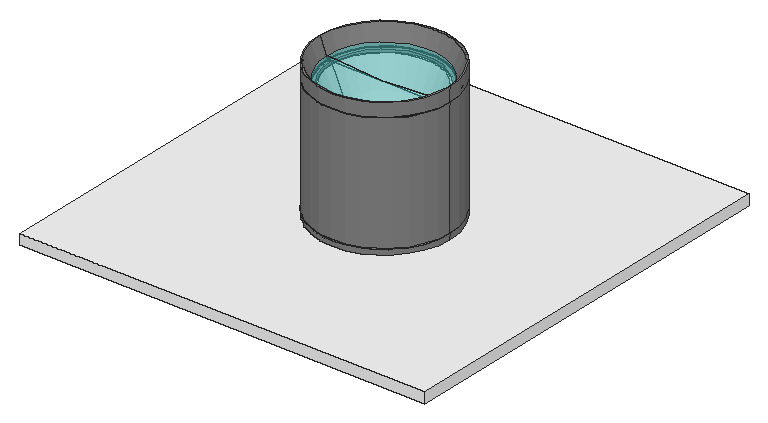
Revit family "24411_BEGA_Revit", category Lighting Fixtures, host Face, Revit 2019
Family settings
  Host = Face
  Round Connector Dimension = Use Diameter
  Part Type = Normal
  Cut with Voids When Loaded = Yes
  Light Source = Yes
  Shared = No
  Room Calculation Point = Yes
Parameters (values of type "24411_BEGA_Revit")
  Weight = "3.1 lbs"
  Voltage = 120 V
  Update = "2019-07-26T04:00:20"
  URL = "www.bega-us.com"
  Type Image = 24411.png
  Type Comments = "© 2019 BEGA. Technical amendments reserved."
  Serial_number [instance] = "Here you can enter the individual serial number for use in facility management."
  Protection_class = "IP 65"
  Product_data_sheet = "www.bega-us.com"
  Order_number = "24411"
  Model = "24411K4"
  Material_17 = BEGA_reflector
  Material_15 = BEGA_lighting_medium_matt
  Material_11 = BEGA_glass_opal
  Material_09 = BEGA_glass_clear
  Material_06 = BEGA_finishes_stainless_steel_brushed
  Material_03 = BEGA_finishes_white_matt
  Material_02 = BEGA_finishes_silver_matt
  Material_01 [instance] = BEGA_finishes_graphite_matt
  Manufacturer = "BEGA"  # constant formula
  M_W = no
  M_G = yes
  M_A = no
  Luminaire_luminous_flux = "2299 lm"
  Logo = 0
  Load_Classification = Lighting
  Lamp = "LED 16.8 W"
  Half_beam_angle = ""
  built-in parameter 1150104 = 12.635 (stored number, unit not read)
  Wattage = 16.9044 W
  Description = "Ceiling mounted downlight"
  Default Elevation = 0 mm
  built-in parameter 1150113 = 1 (stored number, unit not read)
  Connected_wattage [instance] = "20.0 W"
  Colour_temperature = "4000 K"
  Colour_rendering_index = "CRI > 90"
  Bega_IES = yes
  built-in parameter 1114218 = 1 (stored number, unit not read)
  built-in parameter 1150134 = 12
  built-in parameter 1150109 = 1 (stored number, unit not read)
  built-in parameter 1150110 = 1 (stored number, unit not read)
  Tilt Angle = 0.00°
  built-in parameter 1114217 = 1 (stored number, unit not read)
  built-in parameter 1150139 = (empty or 0)
  built-in parameter 1150105 = 182.95 (stored number, unit not read)
  built-in parameter 1150114 = 1 (stored number, unit not read)
  Lumens = 2299 lm
  built-in parameter 1150115 = 1 (stored number, unit not read)
  built-in parameter 1150112 = 1 (stored number, unit not read)
  Dimming Lamp Color Temperature Shift = <None>
  Color Filter = 16777215
  BEGA_internal_structure = yes
  BEGA_internal_on = yes
  BEGA_internal_off = yes
  BEGA_internal = yes
  BEGA_dummy = no
  built-in parameter 1150133 = 10 (stored number, unit not read)
  built-in parameter 1150137 = (empty or 0)
  built-in parameter 1150132 = 2
  Photometric Web File = "24411K4_BEGA_IES.IES"
  built-in parameter 1150106 = 1.8295 (stored number, unit not read)
  built-in parameter 1150107 = 4000 (stored number, unit not read)
  built-in parameter 1150102 = (empty or 0)
  built-in parameter 1150138 = (empty or 0)
  Apparent Load = 0 VA
Reference planes
  plane 1 "Center (Front/Back)": y = 0
  plane 2: z = 0
  plane 3 "Center (Left/Right)": x = 0
  plane 4 "left": x = -65
  plane 5 "right": x = 65
  plane 6 "down": y = -65
  plane 7 "up": y = 65
  plane 8 "Back": z = 0
  plane 9 "Front": z = 135.198
Forms (mm)
  Extrusion 1, solid, material "BEGA_plate_white"
    sketch origin (0, 0, 0) x (1, 0, 0) y (0, 1, 0)
      loop
        line (-200, 200) -> (-200, -200) -> (200, -200) -> (200, 200) -> (-200, 200)
    from 0 to -10
  Extrusion 2, solid, material "BEGA_Dummy_matt", visible <- "BEGA_dummy"
    sketch origin (77.149, -76.023, 0) x (1, 0, 0) y (0, 1, 0)
      loop
        circle (-77.149, 76.023) r 65
    from 0 to 135.2
Dimensions and locks
  aligned and locked: plane 2 to Extrusion 1
  aligned and locked: level to Extrusion 1
Nested families
  nested 1: "24411_BEGA_Revit" at (0, 0, 0), type "24411_BEGA_Revit"
Connectors
  electrical at (0, 0, 0), driven by "Apparent Load", driven by "Load_Classification", driven by "Voltage"
    settings: on Extrusion 1, index 1, voltage 120 V, apparent load 0 VA, apparent load phase1 0 VA, apparent load phase2 0 VA, apparent load phase3 0 VA, power factor 1, load classification "Lighting", number of poles 1, system type 31, power factor state 1, is connector primary yes, connector utility no, sub classification motor no, connector description ""
Definition of nested family "24411_BEGA_Revit"
  Parameters (values of type "BE_24411")
    Default Elevation = 1 mm
    URL = "http://www.bega.de/de/produkt"
    Type Comments = "© 2015 BEGA. Wir behalten uns das Recht vor, technische Änderungen ohne vorherige Ankündigung vorzunehmen. "  # constant formula
    Type Image = (empty or 0)
    Neigungswinkel_um_Z2 = 0.00°
    Neigungswinkel_um_Z1 = 0.00°
    Neigungswinkel_um_Y2 = 0.00°
    Neigungswinkel_um_Y1 = 0.00°
    Neigungswinkel_um_X2 = 0.00°
    Neigungswinkel_um_X1 = 0.00°
    Material_17 = none
    Material_15 = none
    Material_11 = none
    Material_09 = none
    Material_06 = none
    Material_03 = none
    Material_02 = none
    Material_01 = none
    M_W = yes
    M_G = yes
    M_A = yes
    Länge_Platte = 200 mm  # constant formula
    Höhe_Platte = -10 mm  # constant formula
    Manufacturer = "BEGA"  # constant formula
    Drehwinkel_um_Z2 = 0.00°
    Drehwinkel_um_Z1 = 0.00°
    Breite_Platte = 200 mm  # constant formula
  Reference planes
    plane 1 "Mitte (Oben/Unten)": y = 0
    plane 2: z = 0
    plane 3 "Mitte (Links/Rechts)": x = 0
    plane 4 "Hinten": z = -25
    plane 5 "Links": x = -65
    plane 6 "Oben": y = 65
    plane 7 "Unten": y = -65
    plane 8: z = 135.2
    plane 9: x = 65
  Forms (mm)
    Extrusion 1, solid, detail levels medium
      sketch origin (0, 0, 0) x (1, 0, 0) y (0, 1, 0)
        loop
          line (-100, 100) -> (-100, -100) -> (100, -100) -> (100, 100) -> (-100, 100)
      from 0 to -10 <- "Höhe_Platte"
    Revolve 2, solid, material <- "Material_01", visible <- "M_G"
      sketch origin (0, 0, 0) x (1, 0, 0) y (0, 0, 1)
        loop
          line (-65, 121.2) -> (-65, 6) -> (-64.092, 6) -> (-63, 9) -> (-62.1, 25) -> (-55, 25) -> (-54.11, 50.5) -> (0, 50.5) -> (0, 55.5) -> (-53.369, 55.5) -> (-54.966, 101.236)
          arc (-54.966, 101.236) -> (-55.271, 101.92) -> (-55.966, 102.2) r 1
          line (-55.966, 102.2) -> (-62.302, 102.2) -> (-62.845, 117.775) -> (-64.092, 121.2) -> (-65, 121.2)
        axis (0, 6) -> (0, 121.2)
      angle from 0 to 360
    Revolve 3, solid, material <- "Material_17"
      sketch origin (0, 0, 0) x (1, 0, 0) y (0, 0, 1)
        loop
          arc (-52.341, 113) -> (-40.494, 85.573) -> (-25.593, 59.678) r 261.2
          arc (-25.593, 59.678) -> (-25.072, 59.192) -> (-24.386, 59) r 1.5
          line (-24.386, 59) -> (-23, 59)
          arc (-23, 59) -> (-22.613, 59.184) -> (-22.51, 59.6) r 0.5
          arc (-22.51, 59.6) -> (-22.613, 60.016) -> (-23, 60.2) r 0.5
          line (-23, 60.2) -> (-24.484, 60.2)
          arc (-24.484, 60.2) -> (-39.558, 86.414) -> (-51.486, 114.2) r 259.987
          line (-51.486, 114.2) -> (-56.02, 114.198) -> (-56.5, 113) -> (-52.341, 113)
        axis (0, 59) -> (0, 114.2)
      angle from 0 to 360
    Revolve 4, solid, material <- "Material_09"
      sketch origin (0, 0, 0) x (1, 0, 0) y (0, 0, 1)
        loop
          line (0, 120.8) -> (-56, 120.8) -> (-56, 116.7) -> (0, 116.7) -> (0, 120.8)
        axis (0, 120.8) -> (0, 116.7)
      angle from 0 to 360
    Revolve 5, solid, material <- "Material_01", visible <- "M_G"
      sketch origin (0, 0, 0) x (1, 0, 0) y (0, 0, 1)
        loop
          line (-63.5, 135.2) -> (-65, 135.2) -> (-65, 122.217) -> (-62.884, 121.994) -> (-61, 118.468) -> (-62, 117.891) -> (-62, 109.35) -> (-60.078, 108.7) -> (-57.839, 108.7) -> (-57.704, 112.686) -> (-56.75, 114.2) -> (-53.087, 114.2) -> (-53.017, 116.2) -> (-56.465, 116.2) -> (-56.5, 117.2) -> (-63.5, 135.2)
        axis (0, 108.7) -> (0, 135.2)
      angle from 0 to 360
    Revolve 6, solid, material <- "Material_03", visible <- "M_W"
      sketch origin (0, 0, 0) x (1, 0, 0) y (0, 0, 1)
        loop
          line (-65, 121.2) -> (-65, 6) -> (-64.092, 6) -> (-63, 9) -> (-62.1, 25) -> (-55, 25) -> (-54.11, 50.5) -> (0, 50.5) -> (0, 55.5) -> (-53.369, 55.5) -> (-54.966, 101.236)
          arc (-54.966, 101.236) -> (-55.271, 101.92) -> (-55.966, 102.2) r 1
          line (-55.966, 102.2) -> (-62.302, 102.2) -> (-62.845, 117.775) -> (-64.092, 121.2) -> (-65, 121.2)
        axis (0, 6) -> (0, 121.2)
      angle from 0 to 360
    Revolve 7, solid, material <- "Material_03", visible <- "M_W"
      sketch origin (0, 0, 0) x (1, 0, 0) y (0, 0, 1)
        loop
          line (-63.5, 135.2) -> (-65, 135.2) -> (-65, 122.217) -> (-62.884, 121.994) -> (-61, 118.468) -> (-62, 117.891) -> (-62, 109.35) -> (-60.078, 108.7) -> (-57.839, 108.7) -> (-57.704, 112.686) -> (-56.75, 114.2) -> (-53.087, 114.2) -> (-53.017, 116.2) -> (-56.465, 116.2) -> (-56.5, 117.2) -> (-63.5, 135.2)
        axis (0, 108.7) -> (0, 135.2)
      angle from 0 to 360
    Revolve 8, solid, material <- "Material_15"
      sketch origin (0, 0, 0) x (1, 0, 0) y (0, 0, 1)
        loop
          line (0, 55.5) -> (0, 57.05) -> (-16, 57.05) -> (-16, 55.5) -> (0, 55.5)
        axis (0, 55.5) -> (0, 57.05)
      angle from 0 to 360
    Revolve 9, solid, material <- "Material_01", visible <- "M_G"
      sketch origin (0, 0, 0) x (1, 0, 0) y (0, 0, 1)
        loop
          line (0, 16.965) -> (-62, 16.965) -> (-62, 5.299) -> (-65, 4.983) -> (-65, 0) -> (-58.105, 0) -> (-57.651, 13) -> (0, 13) -> (0, 16.965)
        axis (0, 16.965) -> (0, 0)
      angle from 0 to 360
    Extrusion 10, solid, material <- "Material_01", visible <- "M_G"
      sketch origin (0, 0, 0) x (1, 0, 0) y (0, 1, 0)
        loop
          circle (-52.936, 0) r 6.124
        loop
          circle (-52.936, 0) r 2.126
        loop
          circle (52.936, 0) r 6.124
        loop
          circle (52.936, 0) r 2.126
      from 0 to 19.372
    Revolve 11, solid, material <- "Material_03", visible <- "M_W"
      sketch origin (0, 0, 0) x (1, 0, 0) y (0, 0, 1)
        loop
          line (0, 16.965) -> (-62, 16.965) -> (-62, 5.299) -> (-65, 4.983) -> (-65, 0) -> (-58.105, 0) -> (-57.651, 13) -> (0, 13) -> (0, 16.965)
        axis (0, 16.965) -> (0, 0)
      angle from 0 to 360
    Extrusion 12, solid, material <- "Material_03", visible <- "M_W"
      sketch origin (0, 0, 0) x (1, 0, 0) y (0, 1, 0)
        loop
          circle (-52.936, 0) r 6.124
        loop
          circle (-52.936, 0) r 2.126
        loop
          circle (52.936, 0) r 6.124
        loop
          circle (52.936, 0) r 2.126
      from 0 to 19.372
    Extrusion 13, void
      sketch origin (0, 0, 0) x (1, 0, 0) y (0, 1, 0)
        loop
          circle (-25, -37.5) r 7.197
        loop
          circle (-25, 37.5) r 7.197
      from 0 to 18.348
  Cuts and joins
    Extrusion 13 cuts Revolve 9
    Extrusion 13 cuts Extrusion 10
    joined: Revolve 9, Extrusion 10
    Extrusion 13 cuts Revolve 11
    Extrusion 13 cuts Extrusion 12
    joined: Revolve 11, Extrusion 12
    Extrusion 13 cuts Revolve 2
    Extrusion 13 cuts Revolve 3
    Extrusion 13 cuts Revolve 4
    Extrusion 13 cuts Revolve 6
  Dimensions and locks
    equal spacing: Extrusion 1 sketch curve, plane 3 "Mitte (Links/Rechts)", Extrusion 1 sketch curve
    equal spacing: Extrusion 1 sketch curve, plane 1 "Mitte (Oben/Unten)", Extrusion 1 sketch curve
    "Länge_Platte": Extrusion 1 sketch curve to Extrusion 1 sketch curve
    "Breite_Platte": Extrusion 1 sketch curve to Extrusion 1 sketch curve
    aligned and locked: plane 2 to Extrusion 1
    aligned and locked: level to Extrusion 1
  Automatic sketch dimensions
    Revolve 2 sketch curve to plane 3 "Mitte (Links/Rechts)" = 0 mm  (x2)
    Revolve 2 sketch curve to plane 3 "Mitte (Links/Rechts)" = 53.369 mm
    Revolve 2 sketch curve to Revolve 2 sketch curve = 0.74 mm
    Revolve 2 sketch curve to Revolve 2 sketch curve = 1.597 mm
    Revolve 2 sketch curve to Revolve 2 sketch curve = 0.89 mm
    Revolve 2 sketch curve to Revolve 2 sketch curve = 0.999 mm
    Revolve 2 sketch curve to Revolve 2 sketch curve = 7.1 mm
    Revolve 2 sketch curve to Revolve 2 sketch curve = 6.336 mm
    Revolve 2 sketch curve to Revolve 2 sketch curve = 0.544 mm
    level to Revolve 2 sketch curve = 9 mm
    Revolve 2 sketch curve to Revolve 2 sketch curve = 0.9 mm
    Revolve 2 sketch curve to Revolve 2 sketch curve = 1.246 mm
    level to Revolve 2 sketch curve = 6 mm
    Revolve 2 sketch curve to Revolve 2 sketch curve = 1.092 mm
    Revolve 2 sketch curve to Revolve 2 sketch curve = 0.908 mm
    Revolve 2 sketch curve to Revolve 2 sketch curve = 16 mm
    level to Revolve 2 sketch curve = 50.5 mm
    Revolve 2 sketch curve to Revolve 2 sketch curve = 5 mm
    Revolve 2 sketch curve to Revolve 2 sketch curve = 45.7 mm
    Revolve 2 sketch curve to Revolve 2 sketch curve = 0.036 mm
    Revolve 2 sketch curve to Revolve 2 sketch curve = 15.575 mm
    Revolve 2 sketch curve to Revolve 2 sketch curve = 3.425 mm
    Revolve 2 sketch curve to Revolve 2 sketch curve = 8.8 mm
    Revolve 2 sketch curve to Revolve 2 sketch curve = 31.2 mm
    Revolve 3 sketch curve to Revolve 3 sketch curve = 0 mm  (x5)
    Revolve 3 sketch curve to plane 3 "Mitte (Links/Rechts)" = 0 mm
    Revolve 3 sketch curve to plane 3 "Mitte (Links/Rechts)" = 23 mm
    Revolve 3 sketch curve to Revolve 3 sketch curve = 1.337 mm
    Revolve 3 sketch curve to Revolve 3 sketch curve = 1.386 mm
    Revolve 3 sketch curve to Revolve 3 sketch curve = 0.146 mm
    Revolve 3 sketch curve to plane 3 "Mitte (Links/Rechts)" = 51.486 mm
    Revolve 3 sketch curve to Revolve 3 sketch curve = 0.855 mm
    Revolve 3 sketch curve to Revolve 3 sketch curve = 3.68 mm
    Revolve 3 sketch curve to Revolve 3 sketch curve = 0.48 mm
    Revolve 3 sketch curve to Revolve 3 sketch curve = 0.002 mm
    Revolve 3 sketch curve to Revolve 3 sketch curve = 1.198 mm
    Revolve 3 sketch curve to Revolve 3 sketch curve = 0.299 mm
    Revolve 3 sketch curve to Revolve 3 sketch curve = 0.5 mm  (x2)
    Revolve 3 sketch curve to Revolve 3 sketch curve = 0.2 mm
    Revolve 3 sketch curve to Revolve 3 sketch curve = 25.304 mm
    Revolve 3 sketch curve to Revolve 3 sketch curve = 12.968 mm
    Revolve 4 sketch curve to plane 3 "Mitte (Links/Rechts)" = 0 mm  (x2)
    Revolve 4 sketch curve to Revolve 4 sketch curve = 56 mm
    Revolve 4 sketch curve to Revolve 4 sketch curve = 4.1 mm
    Revolve 4 sketch curve to Revolve 4 sketch curve = 6.161 mm
    Revolve 4 sketch curve to Revolve 4 sketch curve = 5 mm
    Revolve 5 sketch curve to plane 3 "Mitte (Links/Rechts)" = 0 mm
    Revolve 5 sketch curve to plane 3 "Mitte (Links/Rechts)" = 53.017 mm
    Revolve 5 sketch curve to Revolve 5 sketch curve = 0.07 mm
    Revolve 5 sketch curve to Revolve 5 sketch curve = 3.448 mm
    Revolve 5 sketch curve to Revolve 5 sketch curve = 0.035 mm
    Revolve 5 sketch curve to Revolve 5 sketch curve = 0.285 mm
    Revolve 5 sketch curve to Revolve 5 sketch curve = 0.954 mm
    Revolve 5 sketch curve to Revolve 5 sketch curve = 0.136 mm
    Revolve 5 sketch curve to Revolve 5 sketch curve = 2.239 mm
    Revolve 5 sketch curve to Revolve 5 sketch curve = 4.5 mm
    Revolve 5 sketch curve to Revolve 5 sketch curve = 1.922 mm
    Revolve 5 sketch curve to Revolve 5 sketch curve = 1.884 mm
    Revolve 5 sketch curve to Revolve 5 sketch curve = 0.616 mm
    Revolve 5 sketch curve to Revolve 5 sketch curve = 2.116 mm
    Revolve 5 sketch curve to Revolve 5 sketch curve = 0.65 mm
    Revolve 5 sketch curve to Revolve 5 sketch curve = 3.986 mm
    Revolve 5 sketch curve to Revolve 5 sketch curve = 1.514 mm
    Revolve 5 sketch curve to Revolve 5 sketch curve = 2 mm
    Revolve 5 sketch curve to Revolve 5 sketch curve = 1 mm
    Revolve 5 sketch curve to Revolve 5 sketch curve = 0.691 mm
    Revolve 5 sketch curve to Revolve 5 sketch curve = 0.577 mm
    Revolve 5 sketch curve to Revolve 5 sketch curve = 3.526 mm
    Revolve 5 sketch curve to Revolve 5 sketch curve = 0.222 mm
    Revolve 5 sketch curve to Revolve 5 sketch curve = 12.983 mm
    Revolve 5 sketch curve to Revolve 5 sketch curve = 15 mm
    Revolve 5 sketch curve to Revolve 5 sketch curve = 16.437 mm
    Revolve 6 sketch curve to plane 3 "Mitte (Links/Rechts)" = 0 mm  (x2)
    Revolve 6 sketch curve to plane 3 "Mitte (Links/Rechts)" = 53.369 mm
    Revolve 6 sketch curve to Revolve 6 sketch curve = 0.74 mm
    Revolve 6 sketch curve to Revolve 6 sketch curve = 1.597 mm
    Revolve 6 sketch curve to Revolve 6 sketch curve = 0.89 mm
    Revolve 6 sketch curve to Revolve 6 sketch curve = 0.999 mm
    Revolve 6 sketch curve to Revolve 6 sketch curve = 7.1 mm
    Revolve 6 sketch curve to Revolve 6 sketch curve = 6.336 mm
    Revolve 6 sketch curve to Revolve 6 sketch curve = 0.544 mm
    level to Revolve 6 sketch curve = 9 mm
    Revolve 6 sketch curve to Revolve 6 sketch curve = 0.9 mm
    Revolve 6 sketch curve to Revolve 6 sketch curve = 1.246 mm
    level to Revolve 6 sketch curve = 6 mm
    Revolve 6 sketch curve to Revolve 6 sketch curve = 1.092 mm
    Revolve 6 sketch curve to Revolve 6 sketch curve = 0.908 mm
    Revolve 6 sketch curve to Revolve 6 sketch curve = 16 mm
    level to Revolve 6 sketch curve = 50.5 mm
    Revolve 6 sketch curve to Revolve 6 sketch curve = 5 mm
    Revolve 6 sketch curve to Revolve 6 sketch curve = 45.7 mm
    Revolve 6 sketch curve to Revolve 6 sketch curve = 0.036 mm
    Revolve 6 sketch curve to Revolve 6 sketch curve = 15.575 mm
    Revolve 6 sketch curve to Revolve 6 sketch curve = 3.425 mm
    Revolve 6 sketch curve to Revolve 6 sketch curve = 8.8 mm
    Revolve 6 sketch curve to Revolve 6 sketch curve = 31.2 mm
    Revolve 7 sketch curve to plane 3 "Mitte (Links/Rechts)" = 0 mm
    Revolve 7 sketch curve to plane 3 "Mitte (Links/Rechts)" = 53.017 mm
    Revolve 7 sketch curve to Revolve 7 sketch curve = 0.07 mm
    Revolve 7 sketch curve to Revolve 7 sketch curve = 3.448 mm
    Revolve 7 sketch curve to Revolve 7 sketch curve = 0.035 mm
    Revolve 7 sketch curve to Revolve 7 sketch curve = 0.285 mm
    Revolve 7 sketch curve to Revolve 7 sketch curve = 0.954 mm
    Revolve 7 sketch curve to Revolve 7 sketch curve = 0.136 mm
    Revolve 7 sketch curve to Revolve 7 sketch curve = 2.239 mm
    Revolve 7 sketch curve to Revolve 7 sketch curve = 4.5 mm
    Revolve 7 sketch curve to Revolve 7 sketch curve = 1.922 mm
    Revolve 7 sketch curve to Revolve 7 sketch curve = 1.884 mm
    Revolve 7 sketch curve to Revolve 7 sketch curve = 0.616 mm
    Revolve 7 sketch curve to Revolve 7 sketch curve = 2.116 mm
    Revolve 7 sketch curve to Revolve 7 sketch curve = 0.65 mm
    Revolve 7 sketch curve to Revolve 7 sketch curve = 3.986 mm
    Revolve 7 sketch curve to Revolve 7 sketch curve = 1.514 mm
    Revolve 7 sketch curve to Revolve 7 sketch curve = 2 mm
    Revolve 7 sketch curve to Revolve 7 sketch curve = 1 mm
    Revolve 7 sketch curve to Revolve 7 sketch curve = 0.691 mm
    Revolve 7 sketch curve to Revolve 7 sketch curve = 0.577 mm
    Revolve 7 sketch curve to Revolve 7 sketch curve = 3.526 mm
    Revolve 7 sketch curve to Revolve 7 sketch curve = 0.222 mm
    Revolve 7 sketch curve to Revolve 7 sketch curve = 12.983 mm
    Revolve 7 sketch curve to Revolve 7 sketch curve = 15 mm
    Revolve 7 sketch curve to Revolve 7 sketch curve = 16.437 mm
    Revolve 8 sketch curve to plane 3 "Mitte (Links/Rechts)" = 0 mm  (x2)
    Revolve 8 sketch curve to Revolve 8 sketch curve = 16 mm
    level to Revolve 8 sketch curve = 55.5 mm
    Revolve 8 sketch curve to Revolve 8 sketch curve = 1.55 mm
    Revolve 8 sketch curve to Revolve 8 sketch curve = 1.95 mm
    Revolve 8 sketch curve to Revolve 8 sketch curve = 2.56 mm
    level to Revolve 3 sketch curve = 59 mm
    Revolve 3 sketch curve to Revolve 3 sketch curve = 52.501 mm
    level to Revolve 4 sketch curve = 116.7 mm
    level to Revolve 5 sketch curve = 108.7 mm
    level to Revolve 7 sketch curve = 108.7 mm
    plane 3 "Mitte (Links/Rechts)" to Revolve 3 sketch curve = 192.978 mm
    Revolve 9 sketch curve to level = 0 mm
    Revolve 9 sketch curve to plane 5 "Links" = 0 mm
    Revolve 9 sketch curve to plane 3 "Mitte (Links/Rechts)" = 0 mm  (x2)
    plane 5 "Links" to Revolve 9 sketch curve = 3 mm
    Revolve 9 sketch curve to Revolve 9 sketch curve = 3.895 mm
    Revolve 9 sketch curve to Revolve 9 sketch curve = 4.349 mm
    Revolve 9 sketch curve to Revolve 9 sketch curve = 4.983 mm
    Revolve 9 sketch curve to Revolve 9 sketch curve = 0.315 mm
    Revolve 9 sketch curve to Revolve 9 sketch curve = 7.701 mm
    Revolve 9 sketch curve to Revolve 9 sketch curve = 3.965 mm
    Revolve 9 sketch curve to Revolve 9 sketch curve = 7.075 mm
    Revolve 9 sketch curve to Revolve 9 sketch curve = 9.203 mm
    Extrusion 10 sketch curve to Extrusion 10 sketch curve = 0 mm  (x4)
    plane 1 "Mitte (Oben/Unten)" to Extrusion 10 sketch curve = 0 mm  (x2)
    plane 5 "Links" to Extrusion 10 sketch curve = 12.064 mm
    Extrusion 10 sketch curve to plane 9 = 12.064 mm
    Revolve 11 sketch curve to level = 0 mm
    Revolve 11 sketch curve to plane 5 "Links" = 0 mm
    Revolve 11 sketch curve to plane 3 "Mitte (Links/Rechts)" = 0 mm  (x2)
    plane 5 "Links" to Revolve 11 sketch curve = 3 mm
    Revolve 11 sketch curve to Revolve 11 sketch curve = 3.895 mm
    Revolve 11 sketch curve to Revolve 11 sketch curve = 4.349 mm
    Revolve 11 sketch curve to Revolve 11 sketch curve = 4.983 mm
    Revolve 11 sketch curve to Revolve 11 sketch curve = 0.315 mm
    Revolve 11 sketch curve to Revolve 11 sketch curve = 7.701 mm
    Revolve 11 sketch curve to Revolve 11 sketch curve = 3.965 mm
    Revolve 11 sketch curve to Revolve 11 sketch curve = 7.075 mm
    Revolve 11 sketch curve to Revolve 11 sketch curve = 9.203 mm
    Extrusion 12 sketch curve to Extrusion 12 sketch curve = 0 mm  (x4)
    plane 1 "Mitte (Oben/Unten)" to Extrusion 12 sketch curve = 0 mm  (x2)
    plane 5 "Links" to Extrusion 12 sketch curve = 12.064 mm
    Extrusion 12 sketch curve to plane 9 = 12.064 mm
    radius of Extrusion 10 sketch curve = 6.124 mm  (x2)
    radius of Extrusion 10 sketch curve = 2.126 mm  (x2)
    radius of Extrusion 12 sketch curve = 6.124 mm  (x2)
    radius of Extrusion 12 sketch curve = 2.126 mm  (x2)
